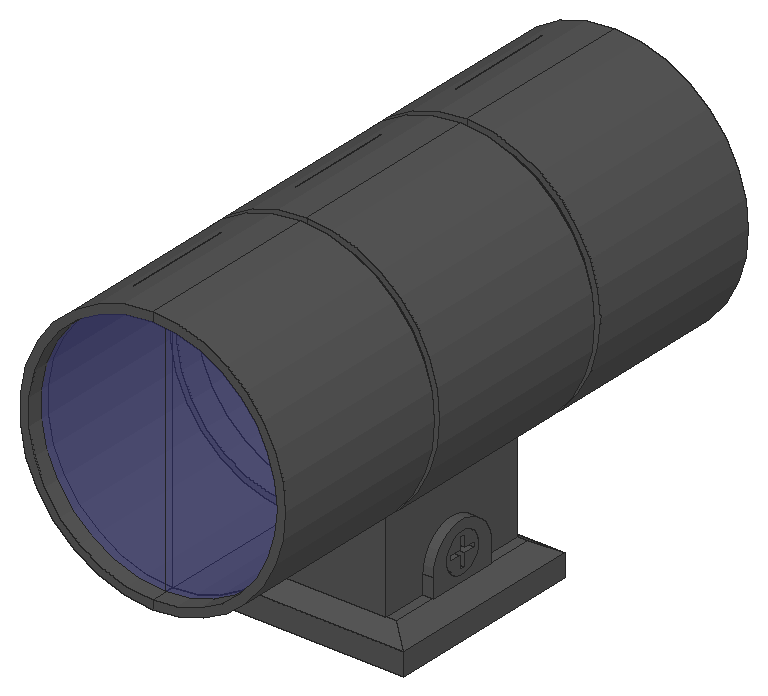
Revit family "CARLO CYLINDER LIGHT WALL MOUNT", category Lighting Fixtures, host Face, Revit 2020 (continued)
Types (10): name | Wattage_Input | Wattage Comments | Wattage | Photometric Web File | built-in parameter 1150142 | Model | built-in parameter 1150105 | Lumens | Light Length 1 | LIGHT RADIUS | LIGHT PLACEMENT | LIGHT LENGTH | LIGHT DIA | built-in parameter 1150106 | FIXED END HEIGHT | Curve base Height | Base Curve | BEAMING ANGLE | Apparent Load
    10533 0.0038831 0.0010437 0.000036 0 \r\n 0 0 0 0 0 0 0 0 0 0 \r\n 0 0 0 0 0 0 0 0 0 0 \r\n 0 0 0.000023 0.00089441 0.0018803 0.0023651 0.0028218 0.0028676 0.0044542 0.0099695 \r\n 0.017722 0.026642 0.037253 0.050821 0.06405 0.071873 0.080869 0.09851 0.11705 0.12863 \r\n 0.14104 0.16165 0.18384 0.20159 0.2204 0.24404 0.27162 0.30531 0.33958 0.36689 \r\n 0.39541 0.43111 0.47293 0.52609 0.57772 0.60913 0.64291 0.70087 0.7666 0.83268 \r\n 0.89505 0.93881 0.98909 1.0779 1.1696 1.2293 1.2864 1.36 1.4466 1.5559 \r\n 1.6669 1.7536 1.8415 1.9503 2.0724 2.2112 2.3534 2.4822 2.6125 2.756 \r\n 2.9061 3.0607 3.2182 3.3696 3.5349 3.7365 3.9582 4.1978 4.4357 4.6413 \r\n 4.8461 5.0171 5.3174 5.9511 6.7615 7.7084 8.6455 9.2808 10.012 10.944 \r\n 12.667 15.815 20.357 26.714 34.147 42.096 50.447 58.89 67.459 76.147 \r\n 84.776 93.195 101.31 109.06 116.22 122.52 128.01 132.67 136.34 138.58 \r\n 140.22 141.99 143.68 145.27 146.85 148.49 150.25 152.19 154.3 156.59 \r\n 159.06 161.68 164.53 167.63 171.03 174.76 178.95 183.66 189.13 195.48 \r\n 203.08 212.31 223.28 236.69 251.14 265.04 279.54 295.44 312.16 329.37 \r\n 347.18 365.7 384.7 404.02 423.53 442.93 462.52 482.68 502.85 522.36 \r\n 541.91 562.27 582.54 602.01 620.93 639.28 657.28 675.29 692.91 709.77 \r\n 726.16 742.32 757.98 772.93 787.2 800.87 813.57 824.74 835.01 845 \r\n 854.17 862.04 869.13 876 882.12 887.1 891.05 894.06 895.78 895.82 \r\n 896.17 \r\n892.81 896.21 895.78 893.99 891.08 887.24 882.48 876.8 870.44 863.91 \r\n 856.53 847.55 837.61 827.2 816.04 804.02 791.13 777.32 762.56 746.67 \r\n 730.03 712.94 695.49 677.83 660.04 642.37 624.48 606.1 587.31 568.07 \r\n 548.53 528.87 508.98 488.6 468.31 448.77 429.44 409.92 390.59 371.7 \r\n 353.28 335.46 318.11 300.99 284.49 268.92 254.25 240.37 227.69 216.61 \r\n 206.93 198.65 191.61 185.74 180.73 176.24 172.25 168.59 165.29 162.31 \r\n 159.59 157.04 154.63 152.28 150.08 148.17 146.35 144.47 142.55 140.65 \r\n 138.49 136.03 132.6 127.15 120.83 114.65 108.01 100.5 92.456 84.001 \r\n 75.376 66.847 58.467 50.348 42.579 35.25 28.477 22.251 17.032 13.391 \r\n 10.984 9.8977 9.4068 8.7407 8.1186 7.4918 6.894 6.3361 5.8375 5.4229 \r\n 5.0865 4.853 4.6571 4.437 4.2071 3.9503 3.7004 3.4931 3.3054 3.1219 \r\n 2.9563 2.8255 2.7044 2.5711 2.4324 2.2815 2.1375 2.022 1.9203 1.8275 \r\n 1.7354 1.6282 1.5249 1.4446 1.3719 1.298 1.2225 1.1375 1.0556 0.99062 \r\n 0.93078 0.86767 0.80541 0.74372 0.68738 0.6452 0.60485 0.55533 0.50673 0.46706 \r\n 0.43165 0.39922 0.36771 0.33286 0.29995 0.27425 0.25153 0.22926 0.20763 0.18491 \r\n 0.16429 0.14994 0.13716 0.12171 0.10644 0.092721 0.080723 0.072339 0.063811 0.04995 \r\n 0.036931 0.030942 0.026759 0.020612 0.01433 0.0081186 0.0030795 0.00085281 0.000029 0 \r\n 0 0 0 0 0 0 0 0 0 0 \r\n 0 0 0 0 0 0 0 0 0 0 \r\n 0 0 0.000074 0.002841 0.0059728 0.0074943 0.0089633 0.010869 0.014442 0.02178 \r\n 0.030766 0.039613 0.049423 0.061441 0.073455 0.081984 0.092077 0.11003 0.12863 0.14026 \r\n 0.15237 0.17166 0.19272 0.21112 0.23069 0.25365 0.28036 0.31396 0.34828 0.37571 \r\n 0.40373 0.4369 0.47634 0.52945 0.58197 0.61532 0.64983 0.7032 0.7648 0.83444 \r\n 0.902 0.94939 1.0003 1.0809 1.1661 1.2347 1.3016 1.3732 1.4543 1.5579 \r\n 1.6659 1.76 1.8541 1.954 2.0657 2.2036 2.348 2.4798 2.6112 2.7476 \r\n 2.8892 3.0385 3.1938 3.3505 3.5195 3.7125 3.9217 4.1482 4.3758 4.5804 \r\n 4.7863 4.9651 5.2507 5.8064 6.5148 7.3493 8.201 8.846 9.6023 10.5 \r\n 12.178 15.314 19.815 26.046 33.324 41.102 49.349 57.907 66.613 75.251 \r\n 83.828 92.361 100.61 108.44 115.6 121.68 127.01 131.97 135.99 138.27 \r\n 139.88 141.68 143.4 144.98 146.56 148.26 150.05 151.97 154.04 156.26 \r\n 158.66 161.25 164.06 167.1 170.43 174.04 178.09 182.7 188.06 194.25 \r\n 201.66 210.66 221.36 234.41 248.59 262.68 277.42 293.25 309.84 327.01 \r\n 344.79 363.21 382.1 401.34 420.82 440.3 459.97 480.05 500.14 519.73 \r\n 539.35 559.63 579.82 599.3 618.31 636.81 654.97 673.08 690.75 707.54 \r\n 723.87 740.17 756 771.06 785.4 799.06 811.8 823.24 833.79 843.91 \r\n 853.18 861.18 868.42 875.39 881.61 886.76 890.87 893.95 895.71 895.83 \r\n 896.17 \r\n892.81 896.04 895.5 893.67 890.74 886.85 882.1 876.64 870.53 863.99 \r\n 856.59 847.85 838.13 827.67 816.35 804.18 791.14 777.22 762.34 746.22 \r\n 729.42 712.43 695.16 677.74 660.12 642.37 624.31 605.78 586.92 567.86 \r\n 548.48 528.66 508.6 488.38 468.24 448.55 429.1 409.83 390.76 371.81 \r\n 353.22 335.22 317.72 300.56 284.18 269.12 254.89 240.89 227.97 216.89 \r\n 207.26 198.99 191.93 186.05 181.02 176.49 172.46 168.81 165.51 162.52 \r\n 159.76 157.17 154.73 152.38 150.19 148.26 146.41 144.49 142.52 140.61 \r\n 138.39 135.74 132.14 126.76 120.46 113.9 106.81 99.101 90.983 82.588 \r\n 74.058 65.541 57.165 49.081 41.376 34.154 27.514 21.44 16.383 12.913 \r\n 10.65 9.636 9.1759 8.5099 7.8765 7.25 6.6632 6.1348 5.6825 5.3448 \r\n 5.0783 4.8629 4.6667 4.4475 4.2165 3.9603 3.7098 3.4978 3.3051 3.1203 \r\n 2.9531 2.8158 2.6899 2.5622 2.4294 2.2749 2.1261 2.0111 1.9107 1.8173 \r\n 1.7244 1.6169 1.5131 1.4308 1.356 1.2818 1.206 1.1194 1.0368 0.97469 \r\n 0.9181 0.85516 0.79277 0.73312 0.67859 0.63561 0.5942 0.54424 0.49581 0.45783 \r\n 0.42377 0.39002 0.35689 0.32202 0.28974 0.26519 0.24355 0.22155 0.19965 0.17585 \r\n 0.15427 0.14039 0.1281 0.11159 0.095383 0.082558 0.071587 0.062781 0.053712 0.040216 \r\n 0.027822 0.022265 0.01876 0.013909 0.0092883 0.0052165 0.0020722 0.00059599 0.000019 0 \r\n 0 0 0 0 0 0 0 0 0 0 \r\n 0 0 0 0 0 0 0 0 0 0 \r\n 0 0 0.00012457 0.0047876 0.010065 0.012607 0.015105 0.018997 0.024691 0.033902 \r\n 0.044138 0.052928 0.061921 0.072276 0.082992 0.09236 0.10368 0.12182 0.14034 0.1521 \r\n 0.16397 0.18174 0.20154 0.22083 0.24143 0.26367 0.28942 0.3229 0.3573 0.38503 \r\n 0.41277 0.44358 0.48067 0.53324 0.58629 0.62209 0.65791 0.70661 0.76378 0.83684 \r\n 0.9096 0.96103 1.013 1.0847 1.163 1.2414 1.3193 1.3891 1.4646 1.5619 \r\n 1.6664 1.7685 1.8693 1.9601 2.0609 2.1979 2.3441 2.4786 2.6103 2.7389 \r\n 2.8716 3.0163 3.1701 3.3321 3.5047 3.6908 3.8889 4.1028 4.3198 4.5226 \r\n 4.729 4.9167 5.1889 5.6683 6.2744 6.9897 7.7485 8.4018 9.1815 10.04 \r\n 11.667 14.794 19.254 25.319 32.4 39.984 48.114 56.789 65.638 74.226 \r\n 82.75 91.382 99.761 107.67 114.84 120.73 125.94 131.21 135.59 137.92 \r\n 139.5 141.34 143.08 144.67 146.25 148 149.84 151.74 153.76 155.92 \r\n 158.25 160.8 163.57 166.56 169.81 173.3 177.22 181.73 186.98 193.02 \r\n 200.25 209.01 219.44 232.1 246.02 260.29 275.26 291.03 307.5 324.65 \r\n 342.41 360.73 379.51 398.67 418.11 437.66 457.4 477.41 497.44 517.11 \r\n 536.81 556.99 577.07 596.56 615.64 634.31 652.65 670.88 688.61 705.33 \r\n 721.61 738.03 754.02 769.17 783.57 797.22 810 821.74 832.61 842.84 \r\n 852.19 860.36 867.75 874.82 881.13 886.45 890.72 893.87 895.69 895.91 \r\n 896.17 \r\n892.81 895.89 895.21 893.32 890.36 886.42 881.7 876.48 870.59 864.02 \r\n 856.58 848.08 838.57 828.04 816.56 804.2 790.97 776.93 761.94 745.64 \r\n 728.73 711.85 694.79 677.58 660.1 642.23 624 605.32 586.38 567.45 \r\n 548.21 528.24 508.04 487.94 467.95 448.13 428.58 409.54 390.7 371.68 \r\n 352.92 334.74 317.09 299.9 283.64 269.08 255.3 241.2 228.06 217.01 \r\n 207.46 199.2 192.15 186.27 181.23 176.66 172.59 168.95 165.67 162.65 \r\n 159.87 157.24 154.78 152.43 150.25 148.31 146.44 144.48 142.47 140.55 \r\n 138.28 135.4 131.6 126.33 120.08 113.13 105.6 97.689 89.488 81.147 \r\n 72.712 64.215 55.851 47.796 40.145 33.022 26.516 20.616 15.746 12.468 \r\n 10.36 9.4056 8.9614 8.2962 7.6553 7.0287 6.4508 5.9466 5.5346 5.2687 \r\n 5.0676 4.8676 4.6696 4.4506 4.218 3.9622 3.7113 3.4952 3.2982 3.1128 \r\n 2.9448 2.8016 2.6715 2.5496 2.4232 2.2664 2.1139 1.9995 1.9001 1.8055 \r\n 1.7113 1.6043 1.5008 1.4165 1.3397 1.2648 1.1887 1.1008 1.0177 0.95842 \r\n 0.90488 0.84233 0.78003 0.72225 0.66927 0.62535 0.58289 0.53301 0.48523 0.44866 \r\n 0.41558 0.38049 0.34585 0.31133 0.27994 0.25626 0.23532 0.21347 0.19133 0.16668 \r\n 0.14438 0.13103 0.11924 0.10176 0.084699 0.072813 0.062872 0.053566 0.043883 0.030794 \r\n 0.019043 0.013758 0.010763 0.0071898 0.0042464 0.0022776 0.00099951 0.00030211 0.000009 0 \r\n 0 0 0 0 0 0 0 0 0 0 \r\n 0 0 0 0 0 0 0 0 0 0 \r\n 0 0 0.00016864 0.0064819 0.013627 0.017046 0.02045 0.02616 0.033786 0.044639 \r\n 0.055939 0.064634 0.072847 0.081639 0.09115 0.10134 0.11381 0.13197 0.15027 0.16225 \r\n 0.17401 0.19024 0.20876 0.22906 0.25079 0.27229 0.29701 0.33034 0.36486 0.39298 \r\n 0.42059 0.4494 0.48436 0.53609 0.58934 0.62781 0.66528 0.70948 0.76227 0.83835 \r\n 0.91585 0.97118 1.0242 1.0872 1.1588 1.2471 1.3359 1.4042 1.4744 1.5656 \r\n 1.6667 1.7762 1.8834 1.9657 2.0564 2.1924 2.3402 2.4766 2.6081 2.7293 \r\n 2.8537 2.9943 3.1471 3.3137 3.4898 3.6706 3.8599 4.063 4.2708 4.4715 \r\n 4.6779 4.8735 5.1341 5.5458 6.0604 6.6665 7.3397 8.0026 8.8033 9.6155 \r\n 11.186 14.303 18.714 24.59 31.449 38.836 46.85 55.627 64.605 73.147 \r\n 81.618 90.326 98.808 106.81 114.02 119.76 124.89 130.47 135.17 137.56 \r\n 139.11 140.98 142.75 144.34 145.93 147.72 149.6 151.49 153.46 155.56 \r\n 157.83 160.35 163.08 166.02 169.2 172.57 176.37 180.8 185.94 191.85 \r\n 198.9 207.43 217.59 229.9 243.56 257.97 273.13 288.84 305.21 322.35 \r\n 340.1 358.34 377.02 396.09 415.48 435.09 454.89 474.86 494.83 514.58 \r\n 534.34 554.42 574.4 593.89 613.04 631.88 650.42 668.75 686.53 703.21 \r\n 719.46 735.98 752.1 767.34 781.81 795.44 808.27 820.3 831.5 841.84 \r\n 851.26 859.59 867.14 874.29 880.69 886.16 890.58 893.82 895.72 896.03 \r\n 896.17 \r\n892.81 895.73 894.9 892.92 889.93 885.95 881.26 876.25 870.56 863.93 \r\n 856.43 848.12 838.79 828.18 816.53 803.97 790.53 776.36 761.26 744.85 \r\n 727.9 711.15 694.26 677.21 659.82 641.83 623.42 604.61 585.6 566.74 \r\n 547.56 527.48 507.17 487.17 467.28 447.37 427.77 408.91 390.24 371.14 \r\n 352.23 333.9 316.16 298.93 282.78 268.65 255.27 241.11 227.84 216.86 \r\n 207.4 199.19 192.18 186.32 181.27 176.67 172.58 168.96 165.69 162.66 \r\n 159.85 157.2 154.72 152.39 150.23 148.28 146.39 144.41 142.36 140.44 \r\n 138.11 134.96 130.92 125.76 119.6 112.3 104.37 96.265 87.973 79.66 \r\n 71.298 62.836 54.505 46.474 38.867 31.839 25.471 19.771 15.122 12.063 \r\n 10.129 9.2258 8.783 8.119 7.474 6.849 6.2797 5.7958 5.4162 5.2063 \r\n 5.0551 4.8642 4.6617 4.442 4.2082 3.9527 3.7015 3.4818 3.2815 3.0968 \r\n 2.9296 2.7824 2.6496 2.5329 2.4123 2.255 2.1009 1.9874 1.8887 1.7922 \r\n 1.6962 1.5905 1.4883 1.4028 1.3242 1.2484 1.1717 1.0833 1.0005 0.94384 \r\n 0.89211 0.83006 0.76805 0.71183 0.66008 0.61519 0.57183 0.52265 0.47597 0.4404 \r\n 0.4078 0.37152 0.33577 0.30208 0.27189 0.24862 0.22781 0.20598 0.18369 0.15858 \r\n 0.13597 0.12315 0.1118 0.093597 0.075908 0.064901 0.055871 0.04607 0.035791 0.023103 \r\n 0.011928 0.0067003 0.00396 0.001482 0 0 0 0 0 0 \r\n 0 0 0 0 0 0 0 0 0 0 \r\n 0 0 0 0 0 0 0 0 0 0 \r\n 0 0 0.00019958 0.0076709 0.016127 0.020152 0.024201 0.031264 0.040313 0.052298 \r\n 0.064272 0.072776 0.0803 0.08785 0.096419 0.10727 0.1206 0.13856 0.15652 0.16883 \r\n 0.18066 0.19552 0.21287 0.23415 0.25695 0.27765 0.30133 0.3345 0.36915 0.39767 \r\n 0.42529 0.45259 0.48587 0.5366 0.58979 0.63085 0.67003 0.71023 0.759 0.83741 \r\n 0.91874 0.9773 1.031 1.0864 1.1522 1.2492 1.3477 1.4149 1.4806 1.5668 \r\n 1.6649 1.7804 1.8926 1.9678 2.0502 2.1855 2.3345 2.4718 2.6026 2.7178 \r\n 2.8357 2.9731 3.1249 3.2948 3.4737 3.6512 3.8348 4.0304 4.2316 4.4308 \r\n 4.6368 4.8374 5.088 5.4477 5.8928 6.4166 7.0266 7.7031 8.521 9.2811 \r\n 10.786 13.885 18.238 23.912 30.545 37.752 45.661 54.51 63.586 72.089 \r\n 80.513 89.257 97.805 105.89 113.16 118.87 124 129.81 134.76 137.2 \r\n 138.75 140.64 142.43 144.01 145.6 147.42 149.33 151.21 153.16 155.2 \r\n 157.42 159.9 162.59 165.49 168.61 171.89 175.59 179.94 184.99 190.78 \r\n 197.67 205.99 215.9 227.92 241.38 255.84 271.11 286.77 303.07 320.2 \r\n 337.94 356.11 374.72 393.7 413.02 432.67 452.52 472.46 492.41 512.21 \r\n 532.02 552.03 571.92 591.41 610.62 629.63 648.34 666.76 684.59 701.27 \r\n 717.53 734.12 750.34 765.65 780.18 793.82 806.7 819 830.48 840.92 \r\n 850.41 858.88 866.58 873.81 880.29 885.9 890.45 893.78 895.76 896.15 \r\n 896.17 \r\n892.81 895.53 894.49 892.35 889.25 885.28 880.65 875.7 870.04 863.32 \r\n 855.7 847.27 837.83 827.17 815.44 802.65 788.98 774.63 759.47 743.25 \r\n 726.52 709.8 692.86 675.69 658.16 640.06 621.58 602.81 583.8 564.73 \r\n 545.35 525.3 505.06 484.97 465.01 445.28 425.82 406.83 387.99 368.86 \r\n 349.97 331.78 314.16 296.97 280.78 266.51 253.07 239.2 226.29 215.52 \r\n 206.23 198.19 191.3 185.53 180.53 175.97 171.91 168.33 165.1 162.08 \r\n 159.28 156.66 154.21 151.91 149.77 147.86 146 144 141.94 140.07 \r\n 137.7 134.08 129.59 124.48 118.45 111.08 103.02 94.777 86.349 77.886 \r\n 69.444 61.115 52.949 44.943 37.356 30.422 24.217 18.787 14.455 11.752 \r\n 10.104 9.254 8.784 8.117 7.4694 6.8561 6.304 5.8456 5.4787 5.2378 \r\n 5.0459 4.8301 4.6117 4.3889 4.1575 3.9043 3.6546 3.4307 3.2279 3.0505 \r\n 2.8928 2.7521 2.6237 2.5071 2.3867 2.2353 2.0876 1.9774 1.8796 1.7789 \r\n 1.6793 1.5771 1.48 1.398 1.3211 1.2421 1.1627 1.0786 1.0004 0.94186 \r\n 0.88806 0.82562 0.76381 0.70799 0.65658 0.61119 0.56762 0.52082 0.47636 0.44003 \r\n 0.40621 0.36992 0.33502 0.30403 0.27598 0.25125 0.22837 0.20614 0.1842 0.16032 \r\n 0.13902 0.1266 0.11548 0.097825 0.08067 0.070026 0.061164 0.051182 0.040607 0.027822 \r\n 0.016357 0.010123 0.0063608 0.0036155 0.0018841 0.00066226 0 0 0 0 \r\n 0 0 0 0 0 0 0 0 0 0 \r\n 0 0 0 0 0 0 0 0 0 0 \r\n 0 0 0.0001688 0.0065055 0.013622 0.016838 0.020022 0.025706 0.033212 0.043611 \r\n 0.054198 0.061787 0.068909 0.077028 0.086172 0.096563 0.1091 0.12611 0.14352 0.15671 \r\n 0.16956 0.18427 0.20125 0.22274 0.24558 0.26529 0.28801 0.32137 0.35637 0.3846 \r\n 0.41197 0.43973 0.4735 0.52405 0.57715 0.61928 0.65903 0.69706 0.74366 0.82208 \r\n 0.90353 0.96069 1.0125 1.0653 1.1295 1.2287 1.3297 1.3962 1.4612 1.5497 \r\n 1.6496 1.7626 1.8718 1.9466 2.0296 2.1668 2.3172 2.4516 2.5799 2.6982 \r\n 2.8193 2.955 3.1042 3.2726 3.4515 3.6319 3.82 4.0224 4.2296 4.4314 \r\n 4.6361 4.8237 5.0686 5.4487 5.9339 6.5286 7.2076 7.9258 8.7471 9.4314 \r\n 10.846 13.918 18.228 23.749 30.236 37.424 45.339 54.139 63.166 71.68 \r\n 80.097 88.708 97.149 105.28 112.72 118.78 124.21 129.93 134.71 137.1 \r\n 138.63 140.49 142.26 143.83 145.41 147.19 149.06 150.94 152.89 154.94 \r\n 157.15 159.61 162.27 165.15 168.25 171.53 175.23 179.55 184.56 190.28 \r\n 197.09 205.28 215.12 227.27 240.81 254.96 269.89 285.52 301.87 318.96 \r\n 336.65 354.82 373.41 392.34 411.6 431.2 451.03 471.03 491.04 510.78 \r\n 530.52 550.58 570.55 590.07 609.33 628.41 647.16 665.54 683.36 700.27 \r\n 716.73 733.24 749.34 764.71 779.35 793.09 806.06 818.38 829.88 840.44 \r\n 850.04 858.51 866.19 873.47 880.02 885.67 890.28 893.71 895.76 896.16 \r\n 896.17 \r\n892.81 895.32 894.07 891.74 888.53 884.59 880.01 875.08 869.4 862.59 \r\n 854.82 846.22 836.63 825.91 814.11 801.09 787.17 772.65 757.45 741.49 \r\n 725.04 708.34 691.31 673.95 656.22 638.02 619.5 600.78 581.79 562.44 \r\n 542.8 522.82 502.68 482.46 462.4 442.87 423.6 404.42 385.35 366.18 \r\n 347.35 329.33 311.88 294.73 278.5 264.01 250.44 236.91 224.44 213.92 \r\n 204.82 196.96 190.23 184.56 179.64 175.13 171.1 167.57 164.38 161.38 \r\n 158.59 156.01 153.6 151.34 149.23 147.37 145.54 143.53 141.46 139.65 \r\n 137.22 133.12 128.18 123.08 117.17 109.78 101.65 93.301 84.739 76.1 \r\n 67.551 59.355 51.364 43.384 35.817 28.977 22.939 17.802 13.814 11.484 \r\n 10.131 9.3286 8.822 8.1532 7.5065 6.908 6.3742 5.9379 5.5755 5.2853 \r\n 5.0345 4.7875 4.5511 4.3244 4.0959 3.8451 3.5972 3.3698 3.1653 2.9962 \r\n 2.8494 2.7173 2.595 2.4774 2.3561 2.2122 2.0727 1.9663 1.8692 1.7639 \r\n 1.6604 1.5624 1.4714 1.3934 1.3185 1.2362 1.154 1.0751 1.002 0.94131 \r\n 0.88416 0.82146 0.7601 0.70437 0.65299 0.60724 0.56372 0.51972 0.47778 0.44032 \r\n 0.4049 0.36888 0.33527 0.30736 0.28164 0.25504 0.22961 0.20686 0.18539 0.16316 \r\n 0.14355 0.13141 0.12036 0.10354 0.087194 0.076757 0.067867 0.057801 0.047074 0.034228 \r\n 0.022452 0.01514 0.010221 0.0070129 0.004741 0.002028 0 0 0 0 \r\n 0 0 0 0 0 0 0 0 0 0 \r\n 0 0 0 0 0 0 0 0 0 0 \r\n 0 0 0.00012454 0.0048278 0.010056 0.012257 0.014383 0.018248 0.023723 0.032062 \r\n 0.040924 0.04757 0.054445 0.063487 0.073481 0.083198 0.094618 0.11051 0.12727 0.14138 \r\n 0.15535 0.17013 0.18693 0.20852 0.23123 0.24995 0.27173 0.30518 0.34047 0.36843 \r\n 0.3957 0.42437 0.45901 0.50932 0.5621 0.60494 0.64513 0.68174 0.72695 0.80449 \r\n 0.8849 0.93994 0.98967 1.0414 1.1052 1.2047 1.3062 1.3725
